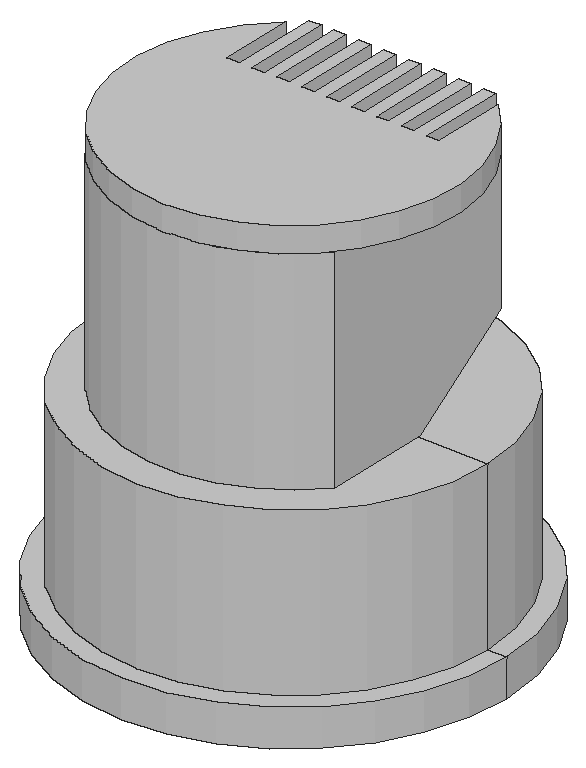
Revit family "LBLE2_SERIE IRON LEGO 02", category Luminarias, Revit 2019
Family settings
  Cota de conector redondo = Diámetro de uso
  Tipo de pieza = Normal
  Se basa en plano de trabajo = Sí
  Siempre vertical = Sí
  Corte con vacíos al cargar = No
  Origen de luz = Sí
  Compartido = No
  Punto de cálculo de habitación = No
Parameters (values of type "IRON LEGO 02_LBLE2 W15W24BCNY2RG")
  Ángulo de inclinación = 60.00°
  Ángulo de enfoque = 24.00°
  Ángulo de campo de foco = 24.00°
  Zone [instance] = ""
  Watt per fixture = 15
  Wattage = 15 W
  built-in parameter 1150107 = 3000 (stored number, unit not read)
  built-in parameter 1150110 = 1 (stored number, unit not read)
  built-in parameter 1150109 = 1 (stored number, unit not read)
  built-in parameter 1150112 = 1 (stored number, unit not read)
  built-in parameter 1150113 = 1 (stored number, unit not read)
  built-in parameter 1114218 = 1 (stored number, unit not read)
  Keynote = ""
  built-in parameter 1150137 = (empty or 0)
  built-in parameter 1150132 = (empty or 0)
  Modelo = "LBLE2 W15W24BCNY2RG"
  Lámpara = "Osram"
  Light Source Symbol Length = 3048 mm
  built-in parameter 1150105 = 14687.1 (stored number, unit not read)
  built-in parameter 1150102 = (empty or 0)
  built-in parameter 1150106 = 146.87 (stored number, unit not read)
  Lumens = 1456.5 lm
  Color Filter = 16777215
  built-in parameter 1114217 = 1 (stored number, unit not read)
  built-in parameter 1150139 = (empty or 0)
  Fabricante = "BRILLANT"
  Default Elevation = 1219.2 mm
  built-in parameter 1150104 = 9.0209 (stored number, unit not read)
  Descripción = "LUMINARIA TIPO CIRCULAR CON UN CORTE EXTERNO DE 75MM DE DIAMETRO , PARA EMPOTRAR EN TECHO CON INSTALACION ESTANDAR CON 86MM DE DIAMETRO POR 85MM DE HOUSING, CUERPO Y ANILLO EN COLOR BLANCO , IP 20 USO PARA INTERIORES, CUENTA CON 1 LED TIPO OSRAM CON UNA POTENCIA TOTAL DE 15W, A UNA TEMPERATURA EN BLANCO CALIDO 3000K, IRC 90, APERTURA A 24 GRADOS, CON LENTE PARA UNA LUZ SUAVE, ALIMENTADA A 100-240V."
  built-in parameter 1150115 = 1 (stored number, unit not read)
  built-in parameter 1150114 = 1 (stored number, unit not read)
  Comentarios de vataje = "100-240V"
  built-in parameter 1150138 = (empty or 0)
  built-in parameter 1150134 = (empty or 0)
  Circuit [instance] = ""
  Dimming Lamp Color Temperature Shift = (empty or 0)
  Longitud de símbolo de origen de luz = 3048 mm
Reference planes
  plane 1 "Centro (Frontal/Posterior)": y = 0
  plane 2: z = 0
  plane 3 "Centro (Izquierda/Derecha)": x = 0
Forms (mm)
  Revolve 1, solid, material "Acero Inoxidable"
    sketch origin (0, 0, 0) x (1, 0, 0) y (0, 0, 1)
      loop
        line (-43, 3.693) -> (-43, -3.75) -> (-41.344, -3.75) -> (-26.344, 11.25) -> (0, 11.25) -> (0, 37.015) -> (-39.098, 37.015) -> (-39.098, 3.693) -> (-43, 3.693)
      axis (0, -3.75) -> (0, 37.015)
    angle from 0 to 360
  Extrusion 2, solid, material "Acero Inoxidable"
    sketch origin (0, 0, 0) x (1, 0, 0) y (0, 1, 0)
      loop
        arc (-25.13, -20.824) -> (0, -32.637) -> (25.13, -20.824) r 32.637
        line (25.13, -20.824) -> (25.13, 20.824) -> (17.62, 27.471) -> (-17.62, 27.471) -> (-25.13, 20.824) -> (-25.13, -20.824)
    from 37.015 to 79.508
  Extrusion 3, void
    sketch origin (0, -6.25, 0) x (1, 0, 0) y (0, 1, 0)
      loop
        line (-21.273, 41.327) -> (-21.273, 16.327) -> (-18.727, 16.327) -> (-18.727, 41.327) -> (-21.273, 41.327)
      loop
        line (-16.273, 41.327) -> (-16.273, 16.327) -> (-13.727, 16.327) -> (-13.727, 41.327) -> (-16.273, 41.327)
      loop
        line (-11.273, 41.327) -> (-11.273, 16.327) -> (-8.727, 16.327) -> (-8.727, 41.327) -> (-11.273, 41.327)
      loop
        line (-6.273, 41.327) -> (-6.273, 16.327) -> (-3.727, 16.327) -> (-3.727, 41.327) -> (-6.273, 41.327)
      loop
        line (-1.273, 41.327) -> (-1.273, 16.327) -> (1.273, 16.327) -> (1.273, 41.327) -> (-1.273, 41.327)
      loop
        line (21.273, 41.327) -> (18.727, 41.327) -> (18.727, 16.327) -> (21.273, 16.327) -> (21.273, 41.327)
      loop
        line (16.273, 41.327) -> (13.727, 41.327) -> (13.727, 16.327) -> (16.273, 16.327) -> (16.273, 41.327)
      loop
        line (11.273, 41.327) -> (8.727, 41.327) -> (8.727, 16.327) -> (11.273, 16.327) -> (11.273, 41.327)
      loop
        line (6.273, 41.327) -> (3.727, 41.327) -> (3.727, 16.327) -> (6.273, 16.327) -> (6.273, 41.327)
    from 65.724 to 84.533
  Extrusion 4, solid, material "Acero Inoxidable"
    sketch origin (0, 0, 0) x (1, 0, 0) y (0, 1, 0)
      loop
        arc (-20.555, 25.35) -> (0, -32.637) -> (20.555, 25.35) r 32.637
        arc (20.555, 25.35) -> (20.42, 26.409) -> (20.329, 27.471) r 25.764
        line (20.329, 27.471) -> (-20.329, 27.471)
        arc (-20.329, 27.471) -> (-20.42, 26.409) -> (-20.555, 25.35) r 25.764
    from 79.508 to 84.533
  Extrusion 5, void
    sketch origin (0, -10.625, -14.805) x (0, 1, 0) y (0, 0, 1)
      loop
        line (46.026, 75.747) -> (11.026, 51.82) -> (46.026, 51.82) -> (46.026, 75.747)
    from -37.804 to 37.804
  Extrusion 6, solid, material "Acero Inoxidable"
    sketch origin (0, 0, 0) x (1, 0, 0) y (0, 1, 0)
      loop
        line (-18.159, 10.13) -> (-18.159, 1.026) -> (18.159, 1.026) -> (18.159, 10.13)
        arc (18.159, 10.13) -> (0, 21.026) -> (-18.159, 10.13) r 20.581
    from 37.015 to 65.724
  Revolve 7, solid, material "Acero Inoxidable", not visible
    sketch origin (0, 0, 0) x (1, 0, 0) y (0, 0, 1)
      loop
        line (-53, 3.693) -> (-53, -3.75) -> (-51.344, -3.75) -> (-36.344, 11.25) -> (0, 11.25) -> (0, 51.82) -> (-49.098, 51.82) -> (-49.098, 3.693) -> (-53, 3.693)
      axis (0, -3.75) -> (0, 51.82)
    angle from 0 to 360
  Extrusion 8, solid, material "Acero Inoxidable", not visible
    sketch origin (0, 0, 0) x (1, 0, 0) y (0, 1, 0)
      loop
        arc (-37.804, -31.327) -> (0, -49.098) -> (37.804, -31.327) r 49.098
        line (37.804, -31.327) -> (37.804, 31.327) -> (26.507, 41.327) -> (-26.507, 41.327) -> (-37.804, 31.327) -> (-37.804, -31.327)
    from 51.82 to 108.492
  Extrusion 9, void, not visible
    sketch origin (0, 0, 0) x (1, 0, 0) y (0, 1, 0)
      loop
        line (-21.273, 41.327) -> (-21.273, 16.327) -> (-18.727, 16.327) -> (-18.727, 41.327) -> (-21.273, 41.327)
      loop
        line (-16.273, 41.327) -> (-16.273, 16.327) -> (-13.727, 16.327) -> (-13.727, 41.327) -> (-16.273, 41.327)
      loop
        line (-11.273, 41.327) -> (-11.273, 16.327) -> (-8.727, 16.327) -> (-8.727, 41.327) -> (-11.273, 41.327)
      loop
        line (-6.273, 41.327) -> (-6.273, 16.327) -> (-3.727, 16.327) -> (-3.727, 41.327) -> (-6.273, 41.327)
      loop
        line (-1.273, 41.327) -> (-1.273, 16.327) -> (1.273, 16.327) -> (1.273, 41.327) -> (-1.273, 41.327)
      loop
        line (21.273, 41.327) -> (18.727, 41.327) -> (18.727, 16.327) -> (21.273, 16.327) -> (21.273, 41.327)
      loop
        line (16.273, 41.327) -> (13.727, 41.327) -> (13.727, 16.327) -> (16.273, 16.327) -> (16.273, 41.327)
      loop
        line (11.273, 41.327) -> (8.727, 41.327) -> (8.727, 16.327) -> (11.273, 16.327) -> (11.273, 41.327)
      loop
        line (6.273, 41.327) -> (3.727, 41.327) -> (3.727, 16.327) -> (6.273, 16.327) -> (6.273, 41.327)
    from 51.82 to 114.316
  Extrusion 10, solid, material "Acero Inoxidable", not visible
    sketch origin (0, 0, 0) x (1, 0, 0) y (0, 1, 0)
      loop
        arc (-27.655, 25.776) -> (0, -37.804) -> (27.655, 25.776) r 37.804
        arc (27.655, 25.776) -> (24.503, 33.265) -> (23.488, 41.327) r 29.844
        line (23.488, 41.327) -> (-23.488, 41.327)
        arc (-23.488, 41.327) -> (-24.503, 33.265) -> (-27.655, 25.776) r 29.844
    from 108.492 to 114.316
  Extrusion 11, void, not visible
    sketch origin (0, 0, 0) x (0, 1, 0) y (0, 0, 1)
      loop
        line (46.026, 75.747) -> (1.026, 51.82) -> (46.026, 51.82) -> (46.026, 75.747)
    from -37.804 to 37.804
  Extrusion 12, solid, material "Acero Inoxidable", not visible
    sketch origin (0, 0, 0) x (1, 0, 0) y (0, 1, 0)
      loop
        line (-32.068, 17.104) -> (-32.068, 1.026) -> (32.068, 1.026) -> (32.068, 17.104)
        arc (32.068, 17.104) -> (0, 36.344) -> (-32.068, 17.104) r 36.344
    from 51.82 to 73.248
Cuts and joins
  Extrusion 3, Extrusion 5 cuts Revolve 1
  Extrusion 3, Extrusion 5 cuts Extrusion 2
  Extrusion 3, Extrusion 5 cuts Extrusion 4
  joined: Extrusion 2, Extrusion 4, Extrusion 6
Lines and regions (mm)
  model lines, not visible
    curve 1: circle (0, 0, 0) r 85 normal (0, -1, 0)
Dimensions and locks
  Revolve 1 sketch curve to Revolve 1 sketch curve = 43 mm
  Extrusion 4 to level = 84.533 mm
  Revolve 7 sketch curve to Revolve 7 sketch curve = 53 mm
  cut or joined group of Extrusion 2, Extrusion 3, Extrusion 4, Extrusion 5, Extrusion 6 to level = 84.533 mm
  diameter of cut or joined group of Revolve 1, Extrusion 3, Extrusion 5 = 86 mm
  aligned and locked: level to plane 2
Connectors
  electrical at (0, 18.623, 84.533)
    settings: on cut or joined group of Extrusion 2, Extrusion 3, Extrusion 4, Extrusion 5, Extrusion 6, index 1, voltage 240 V, apparent load 0 VA, apparent load phase1 0 VA, apparent load phase2 0 VA, apparent load phase3 0 VA, power factor 1, load classification "Otro", number of poles 1, system type 31, power factor state 1, is connector primary yes, connector utility no, sub classification motor no, connector description ""
